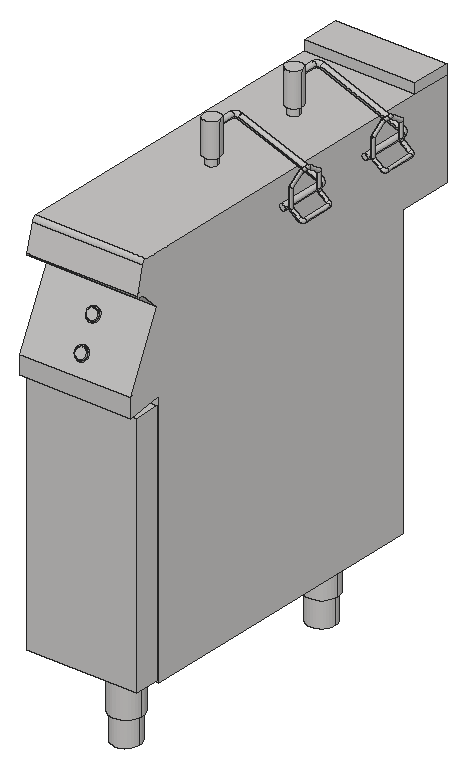
Revit family "QF_ZANUSSI_206354_LIFT7Z", category Attrezzature speciali, Revit 2020
Family settings
  Quota connettore circolare = Usa diametro
  Tipo di parte = Normale
  Basato su piano di lavoro = No
  Sempre verticale = Sì
  Taglio con vuoti quando caricato = No
  Condiviso = No
  Punto di calcolo locali = No
Parameters (values of type "Standard")
  Weight = 0.00 kg
  Watts = 0 W
  Volts = 0 V
  URL Manufacturer = ""
  URL = ""
  Steam Supply Size = 0 mm
  Steam Supply Minimum Pressure = 0.0 Pa
  Steam Supply Maximum Pressure = 0.0 Pa
  Steam Consumption per Hour = 0
  Show Clearance [instance] = yes
  Refrigeration Suction Line Size = 0 mm
  Refrigeration Liquid Line Size = 0 mm
  Refrigerant Compressor Remote = yes
  Prospetto di default = 0 mm
  Manufacturer = ""
  Phase = 0
  Model = ""
  Length Actual = 200 mm  # constant formula
  Item Number = ""
  Hot Water Size = 0 mm
  Height Actual = 850 mm  # constant formula
  HP = ""
  Gas Size = 0 mm
  Gas KW = 0
  Gas Input Pressure = 0 W
  Direct Waste Size = 0 mm
  Description = ""
  Depth Actual = 700 mm  # constant formula
  Cycle = 0 Hz
  Condensate Return Size = 0 mm
  Compressed Air Volume = 0.0 L/s
  Compressed Air Size = 0 mm
  Compressed Air Pressure = 0.0 Pa
  Cold Water Size = 0 mm
  Accessory = yes
Reference planes
  plane 1 "Back": y = 0
  plane 2: z = 0
  plane 3 "FRONT": y = -716
  plane 4 "LEFT": x = -21
  plane 5 "RIGHT": x = 179
  plane 6: x = 79
  plane 7: z = 923
  plane 8: z = 572.5
  plane 9: z = 851
  plane 10: z = 150
  plane 11 "Centro (Avanti/Indietro)": y = -358
  plane 12: y = -100
  plane 13: y = -651
  plane 14: y = -158
  plane 15: y = -601
  plane 16: z = 869
  plane 17: y = -220.645
  plane 18: y = -406.726
Forms (mm)
  Extrusion 1, solid, material "QF_Finishes_Stainless Steel"
    sketch origin (0, 0, 10.5) x (0, 1, 0) y (0, 0, 1)
      loop
        line (0, 665.5) -> (0, 840.5) -> (-679.668, 840.5)
        arc (-679.668, 840.5) -> (-684.953, 838.311) -> (-687.142, 833.026) r 7.474
        line (-687.142, 833.026) -> (-700.193, 787.511)
        arc (-700.193, 787.511) -> (-699.706, 784.879) -> (-697.31, 783.684) r 3
        line (-697.31, 783.684) -> (-687.111, 783.684) -> (-655.292, 751.864) -> (-716, 629.618) -> (-716, 596.555) -> (-654.645, 605.178)
        arc (-654.645, 605.178) -> (-652.101, 604.424) -> (-651, 602.009) r 3.2
        line (-651, 602.009) -> (-651, 139.5) -> (-100, 139.5) -> (-100, 665.5) -> (0, 665.5)
      loop
        line (-701.076, 590.071) -> (-701.076, 144.5) -> (-656, 144.5) -> (-656, 590.071) -> (-701.076, 590.071)
    from -21 to 179
  Extrusion 2, solid, material "QF_Finishes_Stainless Steel"
    sketch origin (0, 0, 0) x (0, 1, 0) y (0, 0, 1)
      loop
        line (0, 869) -> (-71.726, 869) -> (-71.726, 851) -> (0, 851) -> (0, 869)
    from -21 to 179
  Extrusion 3, solid, material "QF_Finishes_Stainless Steel"
    sketch origin (426.404, -417.363, 0.673) x (1, 0, 0) y (0, 1, 0)
      loop
        line (-392.404, -132.714) -> (-392.404, -152.714) -> (-372.404, -152.714) -> (-372.404, -132.714) -> (-392.404, -132.714)
    from 147.327 to 149.327
Dimensions and locks
  plane 4 "LEFT" to plane 5 "RIGHT" = 200 mm
  plane 3 "FRONT" to plane 1 "Back" = 716 mm
  equal spacing: plane 4 "LEFT", plane 6, plane 5 "RIGHT"
  equal spacing: plane 3 "FRONT", plane 11 "Centro (Avanti/Indietro)", plane 1 "Back"
  locked: plane 9 to plane 10 at 701
  plane 7 to plane 2 = 923 mm
  locked: plane 10 to plane 2 at 150
  locked: plane 13 to plane 3 "FRONT" at 65
  locked: plane 1 "Back" to plane 12 at 100
  plane 1 "Back" to plane 14 to plane 15 = 158 mm locked, 443 mm locked
  plane 9 to plane 16 = 18 mm
  Extrusion 1 sketch curve to Extrusion 1 sketch curve = 175 mm
  locked: plane 11 "Centro (Avanti/Indietro)" to plane 18 at 48.726
  locked: plane 17 to plane 18 at 186.081
  aligned and locked: level to plane 2
  aligned and locked: Extrusion 1 to plane 4 "LEFT"
  aligned and locked: Extrusion 1 to plane 5 "RIGHT"
  aligned and locked: Extrusion 2 sketch curve to plane 16
  aligned and locked: Extrusion 2 sketch curve to plane 1 "Back"
  aligned and locked: plane 9 to Extrusion 2 sketch curve
  aligned and locked: Extrusion 2 to plane 5 "RIGHT"
  aligned and locked: Extrusion 2 to plane 4 "LEFT"
  aligned and locked: plane 6 to nested 1
  aligned and locked: plane 6 to nested 2
  aligned and locked: nested 2 to plane 18
  aligned and locked: nested 1 to plane 17
  aligned and locked: plane 14 to nested 3
  aligned and locked: plane 15 to nested 4
  aligned and locked: plane 6 to nested 4
  aligned and locked: plane 6 to nested 3
  aligned and locked: nested 5 to plane 6
  aligned and locked: nested 6 to plane 6
  aligned and locked: plane 10 to Extrusion 3
Automatic sketch dimensions
  Extrusion 1 sketch curve to plane 8 = 67.618 mm
  plane 10 to Extrusion 1 sketch curve = 5 mm
  Extrusion 1 sketch curve to Extrusion 1 sketch curve = 14.924 mm
  plane 9 to Extrusion 1 sketch curve = 52.989 mm
  Extrusion 1 sketch curve to Extrusion 1 sketch curve = 15.807 mm
  Extrusion 1 sketch curve to Extrusion 1 sketch curve = 2.884 mm
  Extrusion 1 sketch curve to Extrusion 1 sketch curve = 13.051 mm
  plane 9 to Extrusion 1 sketch curve = 56.816 mm
  Extrusion 1 sketch curve to Extrusion 1 sketch curve = 10.198 mm
  Extrusion 1 sketch curve to Extrusion 1 sketch curve = 7.474 mm
  Extrusion 1 sketch curve to plane 8 = 43.178 mm
  Extrusion 1 sketch curve to Extrusion 1 sketch curve = 0.445 mm
  Extrusion 1 sketch curve to Extrusion 1 sketch curve = 45.076 mm
  plane 9 to Extrusion 1 sketch curve = 88.636 mm
  Extrusion 1 sketch curve to Extrusion 1 sketch curve = 31.82 mm
  Extrusion 1 sketch curve to Extrusion 1 sketch curve = 5 mm
  Extrusion 1 sketch curve to plane 10 = 0 mm
  Extrusion 1 sketch curve to Extrusion 1 sketch curve = 100 mm
  Extrusion 1 sketch curve to plane 8 = 28.071 mm
  Extrusion 1 sketch curve to plane 8 = 34.555 mm
  Extrusion 1 sketch curve to Extrusion 1 sketch curve = 3.169 mm
  Extrusion 1 sketch curve to plane 1 "Back" = 0 mm
  plane 9 to Extrusion 1 sketch curve = 0 mm
  Extrusion 1 sketch curve to plane 3 "FRONT" = 0 mm
  Extrusion 2 sketch curve to plane 12 = 28.274 mm
  Extrusion 3 sketch curve to plane 15 = 30.924 mm
  plane 5 "RIGHT" to Extrusion 3 sketch curve = 145 mm
  Extrusion 3 sketch curve to Extrusion 3 sketch curve = 20 mm  (x2)
Nested families
  nested 1: "braccio" at (79, -220.645, 851), type "braccio"
  nested 2: "braccio" at (79, -406.726, 851), type "braccio"
  nested 3: "Foot_Adjustable" at (79, -158, 0), type "Foot_Adjustable"
    with Ø2 25 mm, Ø1 29 mm, Ht 150 mm, H1 48 mm
  nested 4: "Foot_Adjustable" at (79, -601, 0), type "Foot_Adjustable"
    with Ø2 25 mm, Ø1 29 mm, Ht 150 mm, H1 48 mm
  nested 5: "Bottone" at (79, -674.703, 723.277) x (0, -0.4448, -0.8956) z (0, -0.8956, 0.4448), type "Bottone"
  nested 6: "Bottone" at (79, -700.56, 671.209) x (0, -0.4448, -0.8956) z (0, -0.8956, 0.4448), type "Bottone"
Connectors
  electrical at (44, -560.076, 148), driven by "Volts"
    settings: on Extrusion 3, index 6, voltage 0 V, apparent load 0 VA, apparent load phase1 0 VA, apparent load phase2 0 VA, apparent load phase3 0 VA, power factor 1, load classification "Altro", number of poles 1, system type 30, power factor state 1, is connector primary yes, connector utility no, sub classification motor no, connector description "Electrical Connection"
Definition of nested family "braccio"
  Parameters
    Default Elevation = 1219.2 mm
  Reference planes
    plane 1 "Centro (Fronte/Retro)": y = 0
    plane 2: z = 0
    plane 3 "Centro (Sinistra/Destra)": x = 0
    plane 4: z = 75
    plane 5: z = 15
    plane 6: y = 15
    plane 7: y = -15
    plane 8: y = 65
    plane 9: y = 35
    plane 10: y = -35
    plane 11: x = 165
  Forms (mm)
    Extrusion 1, solid
      sketch origin (0, 0, 0) x (1, 0, 0) y (0, 1, 0)
        loop
          line (-1219.2, 1219.2) -> (-1219.2, -1219.2) -> (1219.2, -1219.2) -> (1219.2, 1219.2) -> (-1219.2, 1219.2)
      from 0 to -304.8
    Extrusion 2, solid
      sketch origin (0, 0, 0) x (1, 0, 0) y (0, 1, 0)
        loop
          circle (0, 0) r 15
      from 15 to 75
    Extrusion 3, solid
      sketch origin (0, 0, 0) x (1, 0, 0) y (0, 1, 0)
        loop
          circle (0, 0) r 10
      from 0 to 15
    Sweep 4, solid
      path origin (9.668, 0, 55.651) x (0.941405, 0, -0.337279) y (0, 1, 0)
        loop
          line (-10.255, 15) -> (-10.255, 43.653)
          arc (-10.255, 43.653) -> (-7.326, 50.724) -> (-0.255, 53.653) r 10
          line (-0.255, 53.653) -> (150, 53.653)
          arc (150, 53.653) -> (157.071, 50.724) -> (160, 43.653) r 10
          line (160, 43.653) -> (160, -39.357)
      profile origin (0.014, 29.327, 59.11) x (-0.941405, 0, 0.337279) y (0.337279, 0, 0.941405)
        loop
          circle (0, 0) r 5
    Sweep 5, solid
      path origin (34.137, 0, 102.024) x (0.798636, 0, -0.601815) y (0, 1, 0)
        loop
          line (165.527, 32.005) -> (189.527, 32.005)
          arc (189.527, 32.005) -> (193.062, 30.541) -> (194.527, 27.005) r 5
          line (194.527, 27.005) -> (194.527, -27.214)
          arc (194.527, -27.214) -> (193.062, -30.749) -> (189.527, -32.214) r 5
          line (189.527, -32.214) -> (165.527, -32.214)
      profile origin (175.916, 32.005, -4.815) x (0, 1, 0) y (0.601815, 0, 0.798636)
        loop
          circle (0, 0) r 3
    Sweep 6, solid
      path origin (165, -4572, 75) x (0, 0, 1) y (0, -1, 0)
        loop
          line (-75, -4604.089) -> (-41.25, -4604.089) -> (-25.285, -4580.421) -> (-25.285, -4572) -> (-25.285, -4563.579) -> (-41.25, -4539.911) -> (-75, -4539.911)
      profile origin (165, 32.089, 16.875) x (0, -1, 0) y (1, 0, 0)
        loop
          circle (0, 3.57) r 3
  Dimensions and locks
    plane 4 to plane 5 = 60 mm
    plane 5 to plane 2 = 15 mm
    equal spacing: plane 6, plane 1 "Centro (Fronte/Retro)", plane 7
    plane 8 to plane 6 = 50 mm
    equal spacing: plane 9, plane 1 "Centro (Fronte/Retro)", plane 10
    plane 11 to plane 3 "Centro (Sinistra/Destra)" = 165 mm
    aligned and locked: plane 2 to Extrusion 1
    aligned and locked: level to Extrusion 1
    aligned and locked: Extrusion 2 to plane 4
    aligned and locked: plane 5 to Extrusion 2
    aligned and locked: Extrusion 3 to level
    aligned and locked: Extrusion 3 to plane 5
  Automatic sketch dimensions
    Extrusion 1 sketch curve to Extrusion 1 sketch curve = 2438.4 mm  (x2)
    plane 1 "Centro (Fronte/Retro)" to Extrusion 2 sketch curve = 0 mm
    Extrusion 2 sketch curve to plane 3 "Centro (Sinistra/Destra)" = 0 mm
    plane 1 "Centro (Fronte/Retro)" to Extrusion 3 sketch curve = 0 mm
    Extrusion 3 sketch curve to plane 3 "Centro (Sinistra/Destra)" = 0 mm
    Sweep 4 sketch curve to plane 6 = 0 mm
    Sweep 4 sketch curve to plane 9 = 8.653 mm  (x2)
    Sweep 4 sketch curve to plane 8 = 11.347 mm
    Sweep 4 sketch curve to Sweep 4 sketch curve = 150.255 mm
    plane 10 to Sweep 4 sketch curve = 4.357 mm
    Sweep 4 sketch curve to profile plane = 0 mm  (x2)
    Sweep 5 sketch curve to profile plane = 0 mm  (x2)
    plane 3 "Centro (Sinistra/Destra)" to Sweep 6 sketch curve = 168.57 mm
    Sweep 6 sketch curve to profile plane = 0 mm
    Sweep 6 sketch curve to level = 0 mm  (x2)
    Sweep 6 sketch curve to plane 1 "Centro (Fronte/Retro)" = 0 mm
    plane 9 to Sweep 6 sketch curve = 2.911 mm
    Sweep 6 sketch curve to plane 5 = 18.75 mm  (x2)
    Sweep 6 sketch curve to plane 10 = 2.911 mm
    Sweep 6 sketch curve to plane 6 = 6.579 mm
    plane 4 to Sweep 6 sketch curve = 25.285 mm
    plane 7 to Sweep 6 sketch curve = 6.579 mm
    Sweep 5 sketch curve to plane 10 = 2.786 mm
    plane 9 to Sweep 5 sketch curve = 2.995 mm
    Sweep 5 sketch curve to Sweep 5 sketch curve = 0 mm
    Sweep 5 sketch curve to Sweep 5 sketch curve = 5 mm
    Sweep 5 sketch curve to Sweep 5 sketch curve = 24 mm  (x2)
    radius of Extrusion 2 sketch curve = 15 mm
    radius of Extrusion 3 sketch curve = 10 mm
    radius of Sweep 4 sketch curve = 5 mm
    radius of Sweep 5 sketch curve = 3 mm
    radius of Sweep 6 sketch curve = 3 mm
Definition of nested family "Foot_Adjustable"
  Parameters (values of type "Foot_Adjustable")
    Ø2 [instance] = 25 mm
    Ø1 [instance] = 29 mm
    Default Elevation = 0 mm
    H1 [instance] = 48 mm
    Ht [instance] = 150 mm
  Reference planes
    plane 1 "Centro (Fronte/Retro)": y = 0
    plane 2: z = 0
    plane 3 "Centro (Sinistra/Destra)": x = 0
    plane 4: z = 150
  Forms (mm)
    Revolve 1, solid
      sketch origin (255.05, 0, 608.09) x (0, 0, 1) y (-1, 0, 0)
        loop
          line (-608.09, 255.05) -> (-608.09, 230.05) -> (-560.09, 230.05) -> (-560.09, 226.05) -> (-458.09, 226.05) -> (-458.09, 255.05) -> (-608.09, 255.05)
        axis (-608.09, 255.05) -> (-458.09, 255.05)
      angle from 0 to 360
  Dimensions and locks
    "H1": level to Revolve 1 sketch curve
    "Ht": plane 4 to level
    "Ø2": Revolve 1 sketch curve to Revolve 1 sketch curve
    "Ø1": Revolve 1 sketch curve to Revolve 1 sketch curve
    aligned and locked: level to plane 2
    aligned and locked: plane 4 to Revolve 1 sketch curve
    aligned and locked: Revolve 1 sketch curve to level
    aligned and locked: plane 3 "Centro (Sinistra/Destra)" to Revolve 1 sketch curve
  Automatic sketch dimensions
    Revolve 1 sketch curve to plane 3 "Centro (Sinistra/Destra)" = 0 mm
    plane 4 to Revolve 1 sketch curve = 50 mm
    Revolve 1 sketch curve to Revolve 1 sketch curve = 20 mm
Definition of nested family "Bottone"
  Parameters (values of type "Bottone")
    Default Elevation = 1219.2 mm
  Reference planes
    plane 1 "Centro (Fronte/Retro)": y = 0
    plane 2: z = 0
    plane 3 "Centro (Sinistra/Destra)": x = 0
  Forms (mm)
    Extrusion 1, solid
      sketch origin (0, 0, 0) x (1, 0, 0) y (0, 1, 0)
        loop
          line (-1219.2, 1219.2) -> (-1219.2, -1219.2) -> (1219.2, -1219.2) -> (1219.2, 1219.2) -> (-1219.2, 1219.2)
      from 0 to -304.8
    Extrusion 2, solid
      sketch origin (0, 0, 0) x (1, 0, 0) y (0, 1, 0)
        loop
          circle (0, 0) r 12
        loop
          circle (0, 0) r 10
      from 0 to 2
    Extrusion 3, solid
      sketch origin (0, 0, 0) x (1, 0, 0) y (0, 1, 0)
        loop
          circle (0, 0) r 9.75
      from 0 to 3
  Dimensions and locks
    aligned and locked: plane 2 to Extrusion 1
    aligned and locked: level to Extrusion 1
